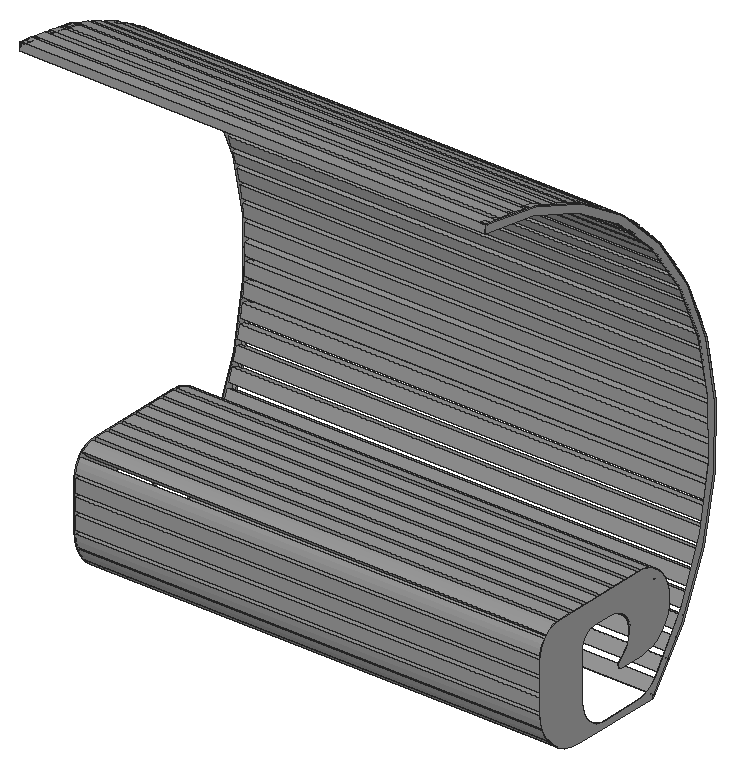
Revit family "Скамейка стальная с навесом Волна Вуд Арт 14852", category Антураж, Revit 2018
Family settings
  На основе рабочей плоскости = Нет
  Всегда вертикально = Да
  При загрузке вырезать с полостями = Нет
  Источник визуального образа = Геометрия семейства
  Общий = Нет
  Точка расчета площади = Нет
Parameters (values of type "Скамейка стальная с навесом «Волна Вуд»")
  Ширина = 1115 mm  # constant formula
  Цвет отделки = Дерево
  Цвет каркаса = Сталь
  Описание = "Скамейка стальная с навесом «Волна Вуд»"  # constant formula
  Материал изделия = "Сталь, дерево"  # constant formula
  Изображение типоразмера = Скамейка стальная с навесом Волна Вуд Арт 14852.jpg
  Изготовитель = "ООО «Хоббика»"  # constant formula
  Длина = 1804 mm  # constant formula
  Группа модели = "Садовые скамейки"  # constant formula
  Высота = 2000 mm  # constant formula
  Артикул товара = "Арт. 14852"  # constant formula
  URL = "https://hobbyka.ru/product/skameyka_s_navesom_volna_vud/"
Reference planes
  plane 1 "По центру (Вперед/Назад)": y = 0
  plane 2: z = 0
  plane 3 "По центру (Влево/Вправо)": x = 0
  plane 4: x = 1804
  plane 5: y = 1115
  plane 6: z = 2000
Forms (mm)
  Sweep 1, solid, material "Сталь" <- "Цвет каркаса"
    path origin (0, 0, 0) x (0, 1, 0) y (0, 0, 1)
      loop
        arc (0, 2000) -> (1027.539, 1251.916) -> (808.052, 0) r 1201.126
    profile origin (0, 0, 2000) x (0, 0.071704, 0.997426) y (1, 0, 0)
      loop
        line (0, 0) -> (0, 20) -> (-2, 20) -> (-2, 0) -> (0, 0)
  Extrusion 2, solid, material "Сталь" <- "Цвет каркаса"
    sketch origin (0, 0, 0) x (0, 1, 0) y (0, 0, 1)
      loop
        line (0, 1997.995) -> (0, 1967.915)
        arc (0, 1967.915) -> (987.117, 1265.654) -> (821.911, 65.539) r 1169.126
        arc (821.911, 65.539) -> (784.067, 37.037) -> (738.472, 24.169) r 128.632
        line (738.472, 24.169) -> (580.312, 24.169)
        arc (580.312, 24.169) -> (498.995, 57.851) -> (465.312, 139.169) r 115
        line (465.312, 139.169) -> (465.312, 325.279)
        arc (465.312, 325.279) -> (487.053, 364.201) -> (528.873, 379.646) r 64.338
        line (528.873, 379.646) -> (598.873, 379.646)
        arc (598.873, 379.646) -> (692.566, 307.704) -> (647.253, 198.613) r 96.981
        arc (647.253, 198.613) -> (643.891, 182.702) -> (657.377, 173.613) r 14.55
        line (657.377, 173.613) -> (752.71, 173.613)
        arc (752.71, 173.613) -> (850.018, 215.321) -> (886.488, 314.71) r 133.695
        arc (886.488, 314.71) -> (876.804, 371.129) -> (848.179, 420.701) r 162.691
        arc (848.179, 420.701) -> (798.249, 457.115) -> (737.81, 470) r 148.193
        line (737.81, 470) -> (360.371, 470)
        arc (360.371, 470) -> (290.859, 441.207) -> (262.066, 371.695) r 98.305
        line (262.066, 371.695) -> (262.066, 192.359)
        arc (262.066, 192.359) -> (318.407, 56.341) -> (454.425, 0) r 192.359
        line (454.425, 0) -> (805.364, 0)
        arc (805.364, 0) -> (1026.047, 1250.267) -> (0, 1997.995) r 1199.126
    from 0 to 2
  Sweep 3, solid, material "Сталь" <- "Цвет каркаса"
    path origin (1804, 0, 0) x (0, 1, 0) y (0, 0, -1)
      loop
        arc (0, -2000) -> (1027.539, -1251.916) -> (808.052, 0) r 1201.126
    profile origin (1804, 0, 2000) x (0, -0.071704, -0.997426) y (-1, 0, 0)
      loop
        line (0, 0) -> (2, 0) -> (2, 20) -> (0, 20) -> (0, 0)
  Extrusion 4, solid, material "Сталь" <- "Цвет каркаса"
    sketch origin (1804, 0, 0) x (0, 1, 0) y (0, 0, -1)
      loop
        arc (0, -1997.995) -> (1026.047, -1250.267) -> (805.364, 0) r 1199.126
        line (805.364, 0) -> (454.425, 0)
        arc (454.425, 0) -> (318.407, -56.341) -> (262.066, -192.359) r 192.359
        line (262.066, -192.359) -> (262.066, -371.695)
        arc (262.066, -371.695) -> (290.859, -441.207) -> (360.371, -470) r 98.305
        line (360.371, -470) -> (737.81, -470)
        arc (737.81, -470) -> (798.249, -457.115) -> (848.179, -420.701) r 148.193
        arc (848.179, -420.701) -> (876.804, -371.129) -> (886.488, -314.71) r 162.691
        arc (886.488, -314.71) -> (850.018, -215.321) -> (752.71, -173.613) r 133.695
        line (752.71, -173.613) -> (657.377, -173.613)
        arc (657.377, -173.613) -> (643.891, -182.702) -> (647.253, -198.613) r 14.55
        arc (647.253, -198.613) -> (692.566, -307.704) -> (598.873, -379.646) r 96.981
        line (598.873, -379.646) -> (528.873, -379.646)
        arc (528.873, -379.646) -> (487.053, -364.201) -> (465.312, -325.279) r 64.338
        line (465.312, -325.279) -> (465.312, -139.169)
        arc (465.312, -139.169) -> (498.995, -57.851) -> (580.312, -24.169) r 115
        line (580.312, -24.169) -> (738.472, -24.169)
        arc (738.472, -24.169) -> (784.067, -37.037) -> (821.911, -65.539) r 128.632
        arc (821.911, -65.539) -> (987.117, -1265.654) -> (0, -1967.915) r 1169.126
        line (0, -1967.915) -> (0, -1997.995)
    from 0 to 2
  Extrusion 5, solid, material "Дерево" <- "Цвет отделки"
    sketch origin (0, 0, 0) x (0, 1, 0) y (0, 0, 1)
      loop
        line (-0.143, 1998.005) -> (-2.295, 1968.082)
        arc (-2.295, 1968.082) -> (22.628, 1966.023) -> (47.5, 1963.43) r 1169.126
        line (47.5, 1963.43) -> (49.653, 1993.38)
        arc (49.653, 1993.38) -> (24.779, 1995.952) -> (-0.143, 1998.005) r 1199.126
    from 2 to 1802
  Extrusion 6, solid, material "Дерево" <- "Цвет отделки"
    sketch origin (0, -792.929, 1190.548) x (0, -0.572583, -0.819847) y (0, 0.819847, -0.572583)
      loop
        line (-0.143, 1998.005) -> (-2.295, 1968.082)
        arc (-2.295, 1968.082) -> (22.628, 1966.023) -> (47.5, 1963.43) r 1169.126
        line (47.5, 1963.43) -> (49.653, 1993.38)
        arc (49.653, 1993.38) -> (24.779, 1995.952) -> (-0.143, 1998.005) r 1199.126
    from 2 to 1802
  Extrusion 7, solid, material "Дерево" <- "Цвет отделки"
    sketch origin (0, -47.383, -3.68) x (0, 0.998264, -0.058897) y (0, 0.058897, 0.998264)
      loop
        line (-0.143, 1998.005) -> (-2.295, 1968.082)
        arc (-2.295, 1968.082) -> (22.628, 1966.023) -> (47.5, 1963.43) r 1169.126
        line (47.5, 1963.43) -> (49.653, 1993.38)
        arc (49.653, 1993.38) -> (24.779, 1995.952) -> (-0.143, 1998.005) r 1199.126
    from 2 to 1802
  Extrusion 8, solid, material "Дерево" <- "Цвет отделки"
    sketch origin (0, -94.9, -4.564) x (0, 0.993062, -0.117589) y (0, 0.117589, 0.993062)
      loop
        line (-0.143, 1998.005) -> (-2.295, 1968.082)
        arc (-2.295, 1968.082) -> (22.628, 1966.023) -> (47.5, 1963.43) r 1169.126
        line (47.5, 1963.43) -> (49.653, 1993.38)
        arc (49.653, 1993.38) -> (24.779, 1995.952) -> (-0.143, 1998.005) r 1199.126
    from 2 to 1802
  Extrusion 9, solid, material "Дерево" <- "Цвет отделки"
    sketch origin (0, -142.387, -2.647) x (0, 0.984413, -0.175874) y (0, 0.175874, 0.984413)
      loop
        line (-0.143, 1998.005) -> (-2.295, 1968.082)
        arc (-2.295, 1968.082) -> (22.628, 1966.023) -> (47.5, 1963.43) r 1169.126
        line (47.5, 1963.43) -> (49.653, 1993.38)
        arc (49.653, 1993.38) -> (24.779, 1995.952) -> (-0.143, 1998.005) r 1199.126
    from 2 to 1802
  Extrusion 10, solid, material "Дерево" <- "Цвет отделки"
    sketch origin (0, -189.679, 2.064) x (0, 0.972345, -0.233547) y (0, 0.233547, 0.972345)
      loop
        line (-0.143, 1998.005) -> (-2.295, 1968.082)
        arc (-2.295, 1968.082) -> (22.628, 1966.023) -> (47.5, 1963.43) r 1169.126
        line (47.5, 1963.43) -> (49.653, 1993.38)
        arc (49.653, 1993.38) -> (24.779, 1995.952) -> (-0.143, 1998.005) r 1199.126
    from 2 to 1802
  Extrusion 11, solid, material "Дерево" <- "Цвет отделки"
    sketch origin (0, -236.611, 9.551) x (0, 0.956902, -0.29041) y (0, 0.29041, 0.956902)
      loop
        line (-0.143, 1998.005) -> (-2.295, 1968.082)
        arc (-2.295, 1968.082) -> (22.628, 1966.023) -> (47.5, 1963.43) r 1169.126
        line (47.5, 1963.43) -> (49.653, 1993.38)
        arc (49.653, 1993.38) -> (24.779, 1995.952) -> (-0.143, 1998.005) r 1199.126
    from 2 to 1802
  Extrusion 12, solid, material "Дерево" <- "Цвет отделки"
    sketch origin (0, -283.02, 19.79) x (0, 0.938137, -0.346265) y (0, 0.346265, 0.938137)
      loop
        line (-0.143, 1998.005) -> (-2.295, 1968.082)
        arc (-2.295, 1968.082) -> (22.628, 1966.023) -> (47.5, 1963.43) r 1169.126
        line (47.5, 1963.43) -> (49.653, 1993.38)
        arc (49.653, 1993.38) -> (24.779, 1995.952) -> (-0.143, 1998.005) r 1199.126
    from 2 to 1802
  Extrusion 13, solid, material "Дерево" <- "Цвет отделки"
    sketch origin (0, -328.746, 32.744) x (0, 0.916114, -0.400917) y (0, 0.400917, 0.916114)
      loop
        line (-0.143, 1998.005) -> (-2.295, 1968.082)
        arc (-2.295, 1968.082) -> (22.628, 1966.023) -> (47.5, 1963.43) r 1169.126
        line (47.5, 1963.43) -> (49.653, 1993.38)
        arc (49.653, 1993.38) -> (24.779, 1995.952) -> (-0.143, 1998.005) r 1199.126
    from 2 to 1802
  Extrusion 14, solid, material "Дерево" <- "Цвет отделки"
    sketch origin (0, -373.63, 48.369) x (0, 0.890911, -0.454177) y (0, 0.454177, 0.890911)
      loop
        line (-0.143, 1998.005) -> (-2.295, 1968.082)
        arc (-2.295, 1968.082) -> (22.628, 1966.023) -> (47.5, 1963.43) r 1169.126
        line (47.5, 1963.43) -> (49.653, 1993.38)
        arc (49.653, 1993.38) -> (24.779, 1995.952) -> (-0.143, 1998.005) r 1199.126
    from 2 to 1802
  Extrusion 15, solid, material "Дерево" <- "Цвет отделки"
    sketch origin (0, -417.515, 66.61) x (0, 0.862615, -0.505861) y (0, 0.505861, 0.862615)
      loop
        line (-0.143, 1998.005) -> (-2.295, 1968.082)
        arc (-2.295, 1968.082) -> (22.628, 1966.023) -> (47.5, 1963.43) r 1169.126
        line (47.5, 1963.43) -> (49.653, 1993.38)
        arc (49.653, 1993.38) -> (24.779, 1995.952) -> (-0.143, 1998.005) r 1199.126
    from 2 to 1802
  Extrusion 16, solid, material "Дерево" <- "Цвет отделки"
    sketch origin (0, -460.25, 87.405) x (0, 0.831324, -0.555788) y (0, 0.555788, 0.831324)
      loop
        line (-0.143, 1998.005) -> (-2.295, 1968.082)
        arc (-2.295, 1968.082) -> (22.628, 1966.023) -> (47.5, 1963.43) r 1169.126
        line (47.5, 1963.43) -> (49.653, 1993.38)
        arc (49.653, 1993.38) -> (24.779, 1995.952) -> (-0.143, 1998.005) r 1199.126
    from 2 to 1802
  Extrusion 17, solid, material "Дерево" <- "Цвет отделки"
    sketch origin (0, -501.686, 110.68) x (0, 0.797147, -0.603786) y (0, 0.603786, 0.797147)
      loop
        line (-0.143, 1998.005) -> (-2.295, 1968.082)
        arc (-2.295, 1968.082) -> (22.628, 1966.023) -> (47.5, 1963.43) r 1169.126
        line (47.5, 1963.43) -> (49.653, 1993.38)
        arc (49.653, 1993.38) -> (24.779, 1995.952) -> (-0.143, 1998.005) r 1199.126
    from 2 to 1802
  Extrusion 18, solid, material "Дерево" <- "Цвет отделки"
    sketch origin (0, -541.68, 136.355) x (0, 0.760202, -0.649687) y (0, 0.649687, 0.760202)
      loop
        line (-0.143, 1998.005) -> (-2.295, 1968.082)
        arc (-2.295, 1968.082) -> (22.628, 1966.023) -> (47.5, 1963.43) r 1169.126
        line (47.5, 1963.43) -> (49.653, 1993.38)
        arc (49.653, 1993.38) -> (24.779, 1995.952) -> (-0.143, 1998.005) r 1199.126
    from 2 to 1802
  Extrusion 19, solid, material "Дерево" <- "Цвет отделки"
    sketch origin (0, -580.091, 164.342) x (0, 0.720617, -0.693333) y (0, 0.693333, 0.720617)
      loop
        line (-0.143, 1998.005) -> (-2.295, 1968.082)
        arc (-2.295, 1968.082) -> (22.628, 1966.023) -> (47.5, 1963.43) r 1169.126
        line (47.5, 1963.43) -> (49.653, 1993.38)
        arc (49.653, 1993.38) -> (24.779, 1995.952) -> (-0.143, 1998.005) r 1199.126
    from 2 to 1802
  Extrusion 20, solid, material "Дерево" <- "Цвет отделки"
    sketch origin (0, -616.788, 194.541) x (0, 0.678531, -0.734571) y (0, 0.734571, 0.678531)
      loop
        line (-0.143, 1998.005) -> (-2.295, 1968.082)
        arc (-2.295, 1968.082) -> (22.628, 1966.023) -> (47.5, 1963.43) r 1169.126
        line (47.5, 1963.43) -> (49.653, 1993.38)
        arc (49.653, 1993.38) -> (24.779, 1995.952) -> (-0.143, 1998.005) r 1199.126
    from 2 to 1802
  Extrusion 21, solid, material "Дерево" <- "Цвет отделки"
    sketch origin (0, -651.642, 226.85) x (0, 0.634089, -0.77326) y (0, 0.77326, 0.634089)
      loop
        line (-0.143, 1998.005) -> (-2.295, 1968.082)
        arc (-2.295, 1968.082) -> (22.628, 1966.023) -> (47.5, 1963.43) r 1169.126
        line (47.5, 1963.43) -> (49.653, 1993.38)
        arc (49.653, 1993.38) -> (24.779, 1995.952) -> (-0.143, 1998.005) r 1199.126
    from 2 to 1802
  Extrusion 22, solid, material "Дерево" <- "Цвет отделки"
    sketch origin (0, -684.533, 261.156) x (0, 0.587446, -0.809263) y (0, 0.809263, 0.587446)
      loop
        line (-0.143, 1998.005) -> (-2.295, 1968.082)
        arc (-2.295, 1968.082) -> (22.628, 1966.023) -> (47.5, 1963.43) r 1169.126
        line (47.5, 1963.43) -> (49.653, 1993.38)
        arc (49.653, 1993.38) -> (24.779, 1995.952) -> (-0.143, 1998.005) r 1199.126
    from 2 to 1802
  Extrusion 23, solid, material "Дерево" <- "Цвет отделки"
    sketch origin (0, -715.346, 297.339) x (0, 0.538763, -0.842457) y (0, 0.842457, 0.538763)
      loop
        line (-0.143, 1998.005) -> (-2.295, 1968.082)
        arc (-2.295, 1968.082) -> (22.628, 1966.023) -> (47.5, 1963.43) r 1169.126
        line (47.5, 1963.43) -> (49.653, 1993.38)
        arc (49.653, 1993.38) -> (24.779, 1995.952) -> (-0.143, 1998.005) r 1199.126
    from 2 to 1802
  Extrusion 24, solid, material "Дерево" <- "Цвет отделки"
    sketch origin (0, -743.975, 335.274) x (0, 0.48821, -0.872726) y (0, 0.872726, 0.48821)
      loop
        line (-0.143, 1998.005) -> (-2.295, 1968.082)
        arc (-2.295, 1968.082) -> (22.628, 1966.023) -> (47.5, 1963.43) r 1169.126
        line (47.5, 1963.43) -> (49.653, 1993.38)
        arc (49.653, 1993.38) -> (24.779, 1995.952) -> (-0.143, 1998.005) r 1199.126
    from 2 to 1802
  Extrusion 25, solid, material "Дерево" <- "Цвет отделки"
    sketch origin (0, -770.32, 374.83) x (0, 0.435961, -0.899965) y (0, 0.899965, 0.435961)
      loop
        line (-0.143, 1998.005) -> (-2.295, 1968.082)
        arc (-2.295, 1968.082) -> (22.628, 1966.023) -> (47.5, 1963.43) r 1169.126
        line (47.5, 1963.43) -> (49.653, 1993.38)
        arc (49.653, 1993.38) -> (24.779, 1995.952) -> (-0.143, 1998.005) r 1199.126
    from 2 to 1802
  Extrusion 26, solid, material "Дерево" <- "Цвет отделки"
    sketch origin (0, -794.289, 415.868) x (0, 0.382199, -0.92408) y (0, 0.92408, 0.382199)
      loop
        line (-0.143, 1998.005) -> (-2.295, 1968.082)
        arc (-2.295, 1968.082) -> (22.628, 1966.023) -> (47.5, 1963.43) r 1169.126
        line (47.5, 1963.43) -> (49.653, 1993.38)
        arc (49.653, 1993.38) -> (24.779, 1995.952) -> (-0.143, 1998.005) r 1199.126
    from 2 to 1802
  Extrusion 27, solid, material "Дерево" <- "Цвет отделки"
    sketch origin (0, -815.8, 458.247) x (0, 0.32711, -0.944986) y (0, 0.944986, 0.32711)
      loop
        line (-0.143, 1998.005) -> (-2.295, 1968.082)
        arc (-2.295, 1968.082) -> (22.628, 1966.023) -> (47.5, 1963.43) r 1169.126
        line (47.5, 1963.43) -> (49.653, 1993.38)
        arc (49.653, 1993.38) -> (24.779, 1995.952) -> (-0.143, 1998.005) r 1199.126
    from 2 to 1802
  Extrusion 28, solid, material "Дерево" <- "Цвет отделки"
    sketch origin (0, -834.777, 501.819) x (0, 0.270886, -0.962612) y (0, 0.962612, 0.270886)
      loop
        line (-0.143, 1998.005) -> (-2.295, 1968.082)
        arc (-2.295, 1968.082) -> (22.628, 1966.023) -> (47.5, 1963.43) r 1169.126
        line (47.5, 1963.43) -> (49.653, 1993.38)
        arc (49.653, 1993.38) -> (24.779, 1995.952) -> (-0.143, 1998.005) r 1199.126
    from 2 to 1802
  Extrusion 29, solid, material "Дерево" <- "Цвет отделки"
    sketch origin (0, -851.155, 546.434) x (0, 0.21372, -0.976895) y (0, 0.976895, 0.21372)
      loop
        line (-0.143, 1998.005) -> (-2.295, 1968.082)
        arc (-2.295, 1968.082) -> (22.628, 1966.023) -> (47.5, 1963.43) r 1169.126
        line (47.5, 1963.43) -> (49.653, 1993.38)
        arc (49.653, 1993.38) -> (24.779, 1995.952) -> (-0.143, 1998.005) r 1199.126
    from 2 to 1802
  Extrusion 30, solid, material "Дерево" <- "Цвет отделки"
    sketch origin (0, -864.877, 591.935) x (0, 0.155813, -0.987787) y (0, 0.987787, 0.155813)
      loop
        line (-0.143, 1998.005) -> (-2.295, 1968.082)
        arc (-2.295, 1968.082) -> (22.628, 1966.023) -> (47.5, 1963.43) r 1169.126
        line (47.5, 1963.43) -> (49.653, 1993.38)
        arc (49.653, 1993.38) -> (24.779, 1995.952) -> (-0.143, 1998.005) r 1199.126
    from 2 to 1802
  Extrusion 31, solid, material "Дерево" <- "Цвет отделки"
    sketch origin (0, -875.895, 638.166) x (0, 0.097365, -0.995249) y (0, 0.995249, 0.097365)
      loop
        line (-0.143, 1998.005) -> (-2.295, 1968.082)
        arc (-2.295, 1968.082) -> (22.628, 1966.023) -> (47.5, 1963.43) r 1169.126
        line (47.5, 1963.43) -> (49.653, 1993.38)
        arc (49.653, 1993.38) -> (24.779, 1995.952) -> (-0.143, 1998.005) r 1199.126
    from 2 to 1802
  Extrusion 32, solid, material "Дерево" <- "Цвет отделки"
    sketch origin (0, -884.172, 684.965) x (0, 0.038579, -0.999256) y (0, 0.999256, 0.038579)
      loop
        line (-0.143, 1998.005) -> (-2.295, 1968.082)
        arc (-2.295, 1968.082) -> (22.628, 1966.023) -> (47.5, 1963.43) r 1169.126
        line (47.5, 1963.43) -> (49.653, 1993.38)
        arc (49.653, 1993.38) -> (24.779, 1995.952) -> (-0.143, 1998.005) r 1199.126
    from 2 to 1802
  Extrusion 33, solid, material "Дерево" <- "Цвет отделки"
    sketch origin (0, -889.677, 732.171) x (0, -0.020341, -0.999793) y (0, 0.999793, -0.020341)
      loop
        line (-0.143, 1998.005) -> (-2.295, 1968.082)
        arc (-2.295, 1968.082) -> (22.628, 1966.023) -> (47.5, 1963.43) r 1169.126
        line (47.5, 1963.43) -> (49.653, 1993.38)
        arc (49.653, 1993.38) -> (24.779, 1995.952) -> (-0.143, 1998.005) r 1199.126
    from 2 to 1802
  Extrusion 34, solid, material "Дерево" <- "Цвет отделки"
    sketch origin (0, -892.393, 779.619) x (0, -0.07919, -0.99686) y (0, 0.99686, -0.07919)
      loop
        line (-0.143, 1998.005) -> (-2.295, 1968.082)
        arc (-2.295, 1968.082) -> (22.628, 1966.023) -> (47.5, 1963.43) r 1169.126
        line (47.5, 1963.43) -> (49.653, 1993.38)
        arc (49.653, 1993.38) -> (24.779, 1995.952) -> (-0.143, 1998.005) r 1199.126
    from 2 to 1802
  Extrusion 35, solid, material "Дерево" <- "Цвет отделки"
    sketch origin (0, -892.31, 827.144) x (0, -0.137765, -0.990465) y (0, 0.990465, -0.137765)
      loop
        line (-0.143, 1998.005) -> (-2.295, 1968.082)
        arc (-2.295, 1968.082) -> (22.628, 1966.023) -> (47.5, 1963.43) r 1169.126
        line (47.5, 1963.43) -> (49.653, 1993.38)
        arc (49.653, 1993.38) -> (24.779, 1995.952) -> (-0.143, 1998.005) r 1199.126
    from 2 to 1802
  Extrusion 36, solid, material "Дерево" <- "Цвет отделки"
    sketch origin (0, -889.427, 874.582) x (0, -0.195861, -0.980632) y (0, 0.980632, -0.195861)
      loop
        line (-0.143, 1998.005) -> (-2.295, 1968.082)
        arc (-2.295, 1968.082) -> (22.628, 1966.023) -> (47.5, 1963.43) r 1169.126
        line (47.5, 1963.43) -> (49.653, 1993.38)
        arc (49.653, 1993.38) -> (24.779, 1995.952) -> (-0.143, 1998.005) r 1199.126
    from 2 to 1802
  Extrusion 37, solid, material "Дерево" <- "Цвет отделки"
    sketch origin (0, -883.756, 921.768) x (0, -0.253277, -0.967394) y (0, 0.967394, -0.253277)
      loop
        line (-0.143, 1998.005) -> (-2.295, 1968.082)
        arc (-2.295, 1968.082) -> (22.628, 1966.023) -> (47.5, 1963.43) r 1169.126
        line (47.5, 1963.43) -> (49.653, 1993.38)
        arc (49.653, 1993.38) -> (24.779, 1995.952) -> (-0.143, 1998.005) r 1199.126
    from 2 to 1802
  Extrusion 38, solid, material "Дерево" <- "Цвет отделки"
    sketch origin (0, -875.315, 968.538) x (0, -0.309814, -0.950797) y (0, 0.950797, -0.309814)
      loop
        line (-0.143, 1998.005) -> (-2.295, 1968.082)
        arc (-2.295, 1968.082) -> (22.628, 1966.023) -> (47.5, 1963.43) r 1169.126
        line (47.5, 1963.43) -> (49.653, 1993.38)
        arc (49.653, 1993.38) -> (24.779, 1995.952) -> (-0.143, 1998.005) r 1199.126
    from 2 to 1802
  Extrusion 39, solid, material "Дерево" <- "Цвет отделки"
    sketch origin (0, -864.135, 1014.73) x (0, -0.365276, -0.930899) y (0, 0.930899, -0.365276)
      loop
        line (-0.143, 1998.005) -> (-2.295, 1968.082)
        arc (-2.295, 1968.082) -> (22.628, 1966.023) -> (47.5, 1963.43) r 1169.126
        line (47.5, 1963.43) -> (49.653, 1993.38)
        arc (49.653, 1993.38) -> (24.779, 1995.952) -> (-0.143, 1998.005) r 1199.126
    from 2 to 1802
  Extrusion 40, solid, material "Дерево" <- "Цвет отделки"
    sketch origin (0, -850.253, 1060.183) x (0, -0.419469, -0.90777) y (0, 0.90777, -0.419469)
      loop
        line (-0.143, 1998.005) -> (-2.295, 1968.082)
        arc (-2.295, 1968.082) -> (22.628, 1966.023) -> (47.5, 1963.43) r 1169.126
        line (47.5, 1963.43) -> (49.653, 1993.38)
        arc (49.653, 1993.38) -> (24.779, 1995.952) -> (-0.143, 1998.005) r 1199.126
    from 2 to 1802
  Extrusion 41, solid, material "Дерево" <- "Цвет отделки"
    sketch origin (0, -833.718, 1104.74) x (0, -0.472205, -0.881489) y (0, 0.881489, -0.472205)
      loop
        line (-0.143, 1998.005) -> (-2.295, 1968.082)
        arc (-2.295, 1968.082) -> (22.628, 1966.023) -> (47.5, 1963.43) r 1169.126
        line (47.5, 1963.43) -> (49.653, 1993.38)
        arc (49.653, 1993.38) -> (24.779, 1995.952) -> (-0.143, 1998.005) r 1199.126
    from 2 to 1802
  Extrusion 42, solid, material "Дерево" <- "Цвет отделки"
    sketch origin (0, -814.588, 1148.245) x (0, -0.523303, -0.852147) y (0, 0.852147, -0.523303)
      loop
        line (-0.143, 1998.005) -> (-2.295, 1968.082)
        arc (-2.295, 1968.082) -> (22.628, 1966.023) -> (47.5, 1963.43) r 1169.126
        line (47.5, 1963.43) -> (49.653, 1993.38)
        arc (49.653, 1993.38) -> (24.779, 1995.952) -> (-0.143, 1998.005) r 1199.126
    from 2 to 1802
  Extrusion 43, solid, material "Дерево" <- "Цвет отделки"
    sketch origin (0, 0, 0) x (0, 1, 0) y (0, 0, 1)
      loop
        line (737.81, 470) -> (687.81, 470) -> (687.81, 440) -> (737.81, 440) -> (737.81, 470)
    from 2 to 1802
  Extrusion 44, solid, material "Дерево" <- "Цвет отделки"
    sketch origin (0, -327.439, 0) x (0, 1, 0) y (0, 0, 1)
      loop
        line (737.81, 470) -> (687.81, 470) -> (687.81, 440) -> (737.81, 440) -> (737.81, 470)
    from 2 to 1802
  Extrusion 45, solid, material "Дерево" <- "Цвет отделки"
    sketch origin (0, -65.488, 0) x (0, 1, 0) y (0, 0, 1)
      loop
        line (737.81, 470) -> (687.81, 470) -> (687.81, 440) -> (737.81, 440) -> (737.81, 470)
    from 2 to 1802
  Extrusion 46, solid, material "Дерево" <- "Цвет отделки"
    sketch origin (0, -130.976, 0) x (0, 1, 0) y (0, 0, 1)
      loop
        line (737.81, 470) -> (687.81, 470) -> (687.81, 440) -> (737.81, 440) -> (737.81, 470)
    from 2 to 1802
  Extrusion 47, solid, material "Дерево" <- "Цвет отделки"
    sketch origin (0, -196.463, 0) x (0, 1, 0) y (0, 0, 1)
      loop
        line (737.81, 470) -> (687.81, 470) -> (687.81, 440) -> (737.81, 440) -> (737.81, 470)
    from 2 to 1802
  Extrusion 48, solid, material "Дерево" <- "Цвет отделки"
    sketch origin (0, -261.951, 0) x (0, 1, 0) y (0, 0, 1)
      loop
        line (737.81, 470) -> (687.81, 470) -> (687.81, 440) -> (737.81, 440) -> (737.81, 470)
    from 2 to 1802
  Extrusion 49, solid, material "Дерево" <- "Цвет отделки"
    sketch origin (0, 0, 0) x (0, 1, 0) y (0, 0, 1)
      loop
        line (262.066, 371.695) -> (262.066, 321.695) -> (292.066, 321.695) -> (292.066, 371.695) -> (262.066, 371.695)
    from 2 to 1802
  Extrusion 50, solid, material "Дерево" <- "Цвет отделки"
    sketch origin (0, 0, -129.336) x (0, 1, 0) y (0, 0, 1)
      loop
        line (262.066, 371.695) -> (262.066, 321.695) -> (292.066, 321.695) -> (292.066, 371.695) -> (262.066, 371.695)
    from 2 to 1802
  Extrusion 51, solid, material "Дерево" <- "Цвет отделки"
    sketch origin (0, 0, -64.668) x (0, 1, 0) y (0, 0, 1)
      loop
        line (262.066, 371.695) -> (262.066, 321.695) -> (292.066, 321.695) -> (292.066, 371.695) -> (262.066, 371.695)
    from 2 to 1802
  Extrusion 52, solid, material "Дерево" <- "Цвет отделки"
    sketch origin (0, 0, 0) x (0, 1, 0) y (0, 0, 1)
      loop
        arc (345.371, 468.849) -> (319.291, 461.005) -> (296.365, 446.308) r 98.305
        line (296.365, 446.308) -> (317.667, 425.005)
        arc (317.667, 425.005) -> (330.76, 433.248) -> (345.371, 438.333) r 68.305
        line (345.371, 438.333) -> (345.371, 468.849)
      loop
        arc (293.733, 386.695) -> (298.818, 401.306) -> (307.061, 414.399) r 68.305
        line (307.061, 414.399) -> (285.758, 435.701)
        arc (285.758, 435.701) -> (271.06, 412.774) -> (263.217, 386.695) r 98.305
        line (263.217, 386.695) -> (293.733, 386.695)
    from 2 to 1802
  Extrusion 53, solid, material "Дерево" <- "Цвет отделки"
    sketch origin (0, 0, 0) x (0, 1, 0) y (0, 0, 1)
      loop
        arc (262.652, 177.359) -> (266.287, 152.283) -> (273.187, 127.901) r 192.359
        line (273.187, 127.901) -> (301.271, 138.467)
        arc (301.271, 138.467) -> (295.819, 157.651) -> (292.76, 177.359) r 162.359
        line (292.76, 177.359) -> (262.652, 177.359)
    from 2 to 1802
  Extrusion 54, solid, material "Дерево" <- "Цвет отделки"
    sketch origin (0, 342.024, -288.13) x (0, 0.589331, 0.807892) y (0, -0.807892, 0.589331)
      loop
        arc (262.652, 177.359) -> (266.287, 152.283) -> (273.187, 127.901) r 192.359
        line (273.187, 127.901) -> (301.271, 138.467)
        arc (301.271, 138.467) -> (295.819, 157.651) -> (292.76, 177.359) r 162.359
        line (292.76, 177.359) -> (262.652, 177.359)
    from 2 to 1802
  Extrusion 55, solid, material "Дерево" <- "Цвет отделки"
    sketch origin (0, 81.477, -130.773) x (0, 0.951253, 0.308411) y (0, -0.308411, 0.951253)
      loop
        arc (262.652, 177.359) -> (266.287, 152.283) -> (273.187, 127.901) r 192.359
        line (273.187, 127.901) -> (301.271, 138.467)
        arc (301.271, 138.467) -> (295.819, 157.651) -> (292.76, 177.359) r 162.359
        line (292.76, 177.359) -> (262.652, 177.359)
    from 2 to 1802
  Extrusion 56, solid, material "Дерево" <- "Цвет отделки"
    sketch origin (0, 199.315, -230.042) x (0, 0.809766, 0.586753) y (0, -0.586753, 0.809766)
      loop
        arc (262.652, 177.359) -> (266.287, 152.283) -> (273.187, 127.901) r 192.359
        line (273.187, 127.901) -> (301.271, 138.467)
        arc (301.271, 138.467) -> (295.819, 157.651) -> (292.76, 177.359) r 162.359
        line (292.76, 177.359) -> (262.652, 177.359)
    from 2 to 1802
  Extrusion 57, solid, material "Дерево" <- "Цвет отделки"
    sketch origin (0, 0, 0) x (0, 1, 0) y (0, 0, 1)
      loop
        arc (801.604, 455.566) -> (777.796, 464.504) -> (752.81, 469.239) r 148.193
        line (752.81, 469.239) -> (752.81, 439.044)
        arc (752.81, 439.044) -> (771.294, 435.158) -> (788.923, 428.376) r 118.193
        line (788.923, 428.376) -> (801.604, 455.566)
      loop
        arc (854.975, 412.546) -> (837.736, 431.242) -> (817.554, 446.715) r 148.193
        line (817.554, 446.715) -> (803.966, 419.751)
        arc (803.966, 419.751) -> (818.723, 407.962) -> (831.414, 393.972) r 118.193
        line (831.414, 393.972) -> (854.975, 412.546)
      loop
        arc (884.361, 343.806) -> (878.442, 368.538) -> (868.382, 391.894) r 148.193
        line (868.382, 391.894) -> (843.36, 374.994)
        arc (843.36, 374.994) -> (850.484, 357.501) -> (854.732, 339.097) r 118.193
        line (854.732, 339.097) -> (884.361, 343.806)
    from 2 to 1802
Cuts and joins
  joined: Sweep 1, Extrusion 2
Lines and regions (mm)
  symbolic lines
    curve 1: arc (0, -0.143, 1998.005) -> (0, 1025.685, 1251.166) -> (0, 806.564, 1.335) r 1199.126
    curve 2: arc (0, 848.179, 420.701) -> (0, 798.249, 457.115) -> (0, 737.81, 470) r 148.193
Dimensions and locks
  "Длина": plane 3 "По центру (Влево/Вправо)" to plane 4
  "Ширина": plane 5 to plane 1 "По центру (Вперед/Назад)"
  "Высота": plane 6 to level
  equal spacing: group 39, group 41, group 42, group 43, group 44, group 40  (x2)
  equal spacing: group 40, group 44, group 43, group 42, group 41, group 39
  equal spacing: group 45, group 47, group 46  (x2)
  equal spacing: group 46, group 47, group 45
  aligned and locked: level to plane 2
Automatic sketch dimensions
  Sweep 1 sketch curve to plane 1 "По центру (Вперед/Назад)" = 0 mm
  Sweep 1 sketch curve to level = 0 mm
  Sweep 1 sketch curve to plane 6 = 0 mm
  plane 1 "По центру (Вперед/Назад)" to Sweep 1 sketch curve = 86.126 mm
  level to Sweep 1 sketch curve = 801.966 mm
  Sweep 1 sketch curve to plane 3 "По центру (Влево/Вправо)" = 0 mm
  Sweep 1 sketch curve to profile plane = 0 mm
  profile plane to Sweep 1 sketch curve = 2 mm
  Sweep 1 sketch curve to Sweep 1 sketch curve = 20 mm
  Extrusion 2 sketch curve to Extrusion 2 sketch curve = 0 mm  (x2)
  Extrusion 2 sketch curve to plane 1 "По центру (Вперед/Назад)" = 0 mm
  Extrusion 2 sketch curve to level = 0 mm
  plane 1 "По центру (Вперед/Назад)" to Extrusion 2 sketch curve = 86.126 mm
  Extrusion 2 sketch curve to plane 1 "По центру (Вперед/Назад)" = 262.066 mm
  Extrusion 2 sketch curve to Extrusion 2 sketch curve = 98.305 mm
  Extrusion 2 sketch curve to Extrusion 2 sketch curve = 192.359 mm
  Extrusion 2 sketch curve to Extrusion 2 sketch curve = 104.941 mm
  Extrusion 2 sketch curve to Extrusion 2 sketch curve = 63.561 mm
  level to Extrusion 2 sketch curve = 24.169 mm
  Extrusion 2 sketch curve to Extrusion 2 sketch curve = 125.887 mm
  Extrusion 2 sketch curve to Extrusion 2 sketch curve = 70 mm
  Extrusion 2 sketch curve to Extrusion 2 sketch curve = 77.065 mm
  Extrusion 2 sketch curve to Extrusion 2 sketch curve = 124.929 mm
  Extrusion 2 sketch curve to Extrusion 2 sketch curve = 69.55 mm
  Extrusion 2 sketch curve to Extrusion 2 sketch curve = 14.009 mm
  Extrusion 2 sketch curve to Extrusion 2 sketch curve = 11.545 mm
  Extrusion 2 sketch curve to Extrusion 2 sketch curve = 25.783 mm
  Extrusion 2 sketch curve to Extrusion 2 sketch curve = 15.188 mm
  Extrusion 2 sketch curve to Extrusion 2 sketch curve = 66.892 mm
  Extrusion 2 sketch curve to Extrusion 2 sketch curve = 128.113 mm
  Extrusion 2 sketch curve to Extrusion 2 sketch curve = 21.332 mm
  Extrusion 2 sketch curve to Extrusion 2 sketch curve = 14.55 mm
  Extrusion 2 sketch curve to Extrusion 2 sketch curve = 94.502 mm
  Extrusion 2 sketch curve to Extrusion 2 sketch curve = 133.695 mm
  Extrusion 2 sketch curve to Extrusion 2 sketch curve = 32.643 mm
  Extrusion 2 sketch curve to Extrusion 2 sketch curve = 8.519 mm
  Extrusion 2 sketch curve to Extrusion 2 sketch curve = 5.981 mm
  Extrusion 2 sketch curve to Extrusion 2 sketch curve = 9.971 mm
  Extrusion 2 sketch curve to Extrusion 2 sketch curve = 46.416 mm
  Extrusion 2 sketch curve to Extrusion 2 sketch curve = 430.271 mm
  Extrusion 2 sketch curve to Extrusion 2 sketch curve = 30.08 mm
  Extrusion 2 sketch curve to Extrusion 2 sketch curve = 110.369 mm
  Sweep 3 sketch curve to plane 1 "По центру (Вперед/Назад)" = 0 mm
  Sweep 3 sketch curve to level = 0 mm
  Sweep 3 sketch curve to plane 6 = 0 mm
  plane 1 "По центру (Вперед/Назад)" to Sweep 3 sketch curve = 86.126 mm
  level to Sweep 3 sketch curve = 801.966 mm
  profile plane to Sweep 3 sketch curve = 0 mm
  Sweep 3 sketch curve to profile plane = 0 mm
  Sweep 3 sketch curve to Sweep 3 sketch curve = 2 mm
  Sweep 3 sketch curve to Sweep 3 sketch curve = 20 mm
  Extrusion 4 sketch curve to Extrusion 4 sketch curve = 0 mm  (x2)
  Extrusion 4 sketch curve to plane 1 "По центру (Вперед/Назад)" = 0 mm
  Extrusion 4 sketch curve to level = 0 mm
  plane 1 "По центру (Вперед/Назад)" to Extrusion 4 sketch curve = 86.126 mm
  Extrusion 4 sketch curve to plane 1 "По центру (Вперед/Назад)" = 262.066 mm
  Extrusion 4 sketch curve to Extrusion 4 sketch curve = 98.305 mm
  Extrusion 4 sketch curve to Extrusion 4 sketch curve = 192.359 mm
  Extrusion 4 sketch curve to Extrusion 4 sketch curve = 104.941 mm
  Extrusion 4 sketch curve to Extrusion 4 sketch curve = 63.561 mm
  level to Extrusion 4 sketch curve = 24.169 mm
  Extrusion 4 sketch curve to Extrusion 4 sketch curve = 125.887 mm
  Extrusion 4 sketch curve to Extrusion 4 sketch curve = 70 mm
  Extrusion 4 sketch curve to Extrusion 4 sketch curve = 77.065 mm
  Extrusion 4 sketch curve to Extrusion 4 sketch curve = 124.929 mm
  Extrusion 4 sketch curve to Extrusion 4 sketch curve = 69.55 mm
  Extrusion 4 sketch curve to Extrusion 4 sketch curve = 14.009 mm
  Extrusion 4 sketch curve to Extrusion 4 sketch curve = 11.545 mm
  Extrusion 4 sketch curve to Extrusion 4 sketch curve = 25.783 mm
  Extrusion 4 sketch curve to Extrusion 4 sketch curve = 15.188 mm
  Extrusion 4 sketch curve to Extrusion 4 sketch curve = 66.892 mm
  Extrusion 4 sketch curve to Extrusion 4 sketch curve = 143.497 mm
  Extrusion 4 sketch curve to Extrusion 4 sketch curve = 24.643 mm
  Extrusion 4 sketch curve to Extrusion 4 sketch curve = 32.643 mm
  Extrusion 4 sketch curve to Extrusion 4 sketch curve = 8.519 mm
  Extrusion 4 sketch curve to Extrusion 4 sketch curve = 5.981 mm
  Extrusion 4 sketch curve to Extrusion 4 sketch curve = 9.971 mm
  Extrusion 4 sketch curve to Extrusion 4 sketch curve = 179.336 mm
  Extrusion 4 sketch curve to Extrusion 4 sketch curve = 430.271 mm
  Extrusion 4 sketch curve to Extrusion 4 sketch curve = 30.08 mm
  Extrusion 4 sketch curve to Extrusion 4 sketch curve = 48.995 mm
  Extrusion 4 sketch curve to Extrusion 4 sketch curve = 14.55 mm
  Extrusion 4 sketch curve to Extrusion 4 sketch curve = 21.332 mm
  Extrusion 4 sketch curve to Extrusion 4 sketch curve = 110.369 mm
  Extrusion 5 sketch curve to Extrusion 5 sketch curve = 2.153 mm
  Extrusion 5 sketch curve to Extrusion 5 sketch curve = 29.949 mm
  Extrusion 5 sketch curve to Extrusion 5 sketch curve = 0 mm  (x4)
  Extrusion 5 sketch curve to Extrusion 5 sketch curve = 83.831 mm
  Extrusion 5 sketch curve to Extrusion 5 sketch curve = 2.151 mm
  Extrusion 5 sketch curve to Extrusion 5 sketch curve = 49.795 mm
  Extrusion 5 sketch curve to Extrusion 5 sketch curve = 1161.464 mm
  Extrusion 6 sketch curve to Extrusion 6 sketch curve = 2.153 mm
  Extrusion 6 sketch curve to Extrusion 6 sketch curve = 29.949 mm
  Extrusion 6 sketch curve to Extrusion 6 sketch curve = 0 mm  (x4)
  Extrusion 6 sketch curve to Extrusion 6 sketch curve = 83.831 mm
  Extrusion 6 sketch curve to Extrusion 6 sketch curve = 2.151 mm
  Extrusion 6 sketch curve to Extrusion 6 sketch curve = 49.795 mm
  Extrusion 6 sketch curve to Extrusion 6 sketch curve = 1161.464 mm
  Extrusion 7 sketch curve to Extrusion 7 sketch curve = 2.153 mm
  Extrusion 7 sketch curve to Extrusion 7 sketch curve = 29.949 mm
  Extrusion 7 sketch curve to Extrusion 7 sketch curve = 0 mm  (x4)
  Extrusion 7 sketch curve to Extrusion 7 sketch curve = 83.831 mm
  Extrusion 7 sketch curve to Extrusion 7 sketch curve = 2.151 mm
  Extrusion 7 sketch curve to Extrusion 7 sketch curve = 49.795 mm
  Extrusion 7 sketch curve to Extrusion 7 sketch curve = 1161.464 mm
  Extrusion 8 sketch curve to Extrusion 8 sketch curve = 2.153 mm
  Extrusion 8 sketch curve to Extrusion 8 sketch curve = 29.949 mm
  Extrusion 8 sketch curve to Extrusion 8 sketch curve = 0 mm  (x4)
  Extrusion 8 sketch curve to Extrusion 8 sketch curve = 83.831 mm
  Extrusion 8 sketch curve to Extrusion 8 sketch curve = 2.151 mm
  Extrusion 8 sketch curve to Extrusion 8 sketch curve = 49.795 mm
  Extrusion 8 sketch curve to Extrusion 8 sketch curve = 1161.464 mm
  Extrusion 9 sketch curve to Extrusion 9 sketch curve = 2.153 mm
  Extrusion 9 sketch curve to Extrusion 9 sketch curve = 29.949 mm
  Extrusion 9 sketch curve to Extrusion 9 sketch curve = 0 mm  (x4)
  Extrusion 9 sketch curve to Extrusion 9 sketch curve = 83.831 mm
  Extrusion 9 sketch curve to Extrusion 9 sketch curve = 2.151 mm
  Extrusion 9 sketch curve to Extrusion 9 sketch curve = 49.795 mm
  Extrusion 9 sketch curve to Extrusion 9 sketch curve = 1161.464 mm
  Extrusion 10 sketch curve to Extrusion 10 sketch curve = 2.153 mm
  Extrusion 10 sketch curve to Extrusion 10 sketch curve = 29.949 mm
  Extrusion 10 sketch curve to Extrusion 10 sketch curve = 0 mm  (x4)
  Extrusion 10 sketch curve to Extrusion 10 sketch curve = 83.831 mm
  Extrusion 10 sketch curve to Extrusion 10 sketch curve = 2.151 mm
  Extrusion 10 sketch curve to Extrusion 10 sketch curve = 49.795 mm
  Extrusion 10 sketch curve to Extrusion 10 sketch curve = 1161.464 mm
  Extrusion 11 sketch curve to Extrusion 11 sketch curve = 2.153 mm
  Extrusion 11 sketch curve to Extrusion 11 sketch curve = 29.949 mm
  Extrusion 11 sketch curve to Extrusion 11 sketch curve = 0 mm  (x4)
  Extrusion 11 sketch curve to Extrusion 11 sketch curve = 83.831 mm
  Extrusion 11 sketch curve to Extrusion 11 sketch curve = 2.151 mm
  Extrusion 11 sketch curve to Extrusion 11 sketch curve = 49.795 mm
  Extrusion 11 sketch curve to Extrusion 11 sketch curve = 1161.464 mm
  Extrusion 12 sketch curve to Extrusion 12 sketch curve = 2.153 mm
  Extrusion 12 sketch curve to Extrusion 12 sketch curve = 29.949 mm
  Extrusion 12 sketch curve to Extrusion 12 sketch curve = 0 mm  (x4)
  Extrusion 12 sketch curve to Extrusion 12 sketch curve = 83.831 mm
  Extrusion 12 sketch curve to Extrusion 12 sketch curve = 2.151 mm
  Extrusion 12 sketch curve to Extrusion 12 sketch curve = 49.795 mm
  Extrusion 12 sketch curve to Extrusion 12 sketch curve = 1161.464 mm
  Extrusion 13 sketch curve to Extrusion 13 sketch curve = 2.153 mm
  Extrusion 13 sketch curve to Extrusion 13 sketch curve = 29.949 mm
  Extrusion 13 sketch curve to Extrusion 13 sketch curve = 0 mm  (x4)
  Extrusion 13 sketch curve to Extrusion 13 sketch curve = 83.831 mm
  Extrusion 13 sketch curve to Extrusion 13 sketch curve = 2.151 mm
  Extrusion 13 sketch curve to Extrusion 13 sketch curve = 49.795 mm
  Extrusion 13 sketch curve to Extrusion 13 sketch curve = 1161.464 mm
  Extrusion 14 sketch curve to Extrusion 14 sketch curve = 2.153 mm
  Extrusion 14 sketch curve to Extrusion 14 sketch curve = 29.949 mm
  Extrusion 14 sketch curve to Extrusion 14 sketch curve = 0 mm  (x4)
  Extrusion 14 sketch curve to Extrusion 14 sketch curve = 83.831 mm
  Extrusion 14 sketch curve to Extrusion 14 sketch curve = 2.151 mm
  Extrusion 14 sketch curve to Extrusion 14 sketch curve = 49.795 mm
  Extrusion 14 sketch curve to Extrusion 14 sketch curve = 1161.464 mm
  Extrusion 15 sketch curve to Extrusion 15 sketch curve = 2.153 mm
  Extrusion 15 sketch curve to Extrusion 15 sketch curve = 29.949 mm
  Extrusion 15 sketch curve to Extrusion 15 sketch curve = 0 mm  (x4)
  Extrusion 15 sketch curve to Extrusion 15 sketch curve = 83.831 mm
  Extrusion 15 sketch curve to Extrusion 15 sketch curve = 2.151 mm
  Extrusion 15 sketch curve to Extrusion 15 sketch curve = 49.795 mm
  Extrusion 15 sketch curve to Extrusion 15 sketch curve = 1161.464 mm
  Extrusion 16 sketch curve to Extrusion 16 sketch curve = 2.153 mm
  Extrusion 16 sketch curve to Extrusion 16 sketch curve = 29.949 mm
  Extrusion 16 sketch curve to Extrusion 16 sketch curve = 0 mm  (x4)
  Extrusion 16 sketch curve to Extrusion 16 sketch curve = 83.831 mm
  Extrusion 16 sketch curve to Extrusion 16 sketch curve = 2.151 mm
  Extrusion 16 sketch curve to Extrusion 16 sketch curve = 49.795 mm
  Extrusion 16 sketch curve to Extrusion 16 sketch curve = 1161.464 mm
  Extrusion 17 sketch curve to Extrusion 17 sketch curve = 2.153 mm
  Extrusion 17 sketch curve to Extrusion 17 sketch curve = 29.949 mm
  Extrusion 17 sketch curve to Extrusion 17 sketch curve = 0 mm  (x4)
  Extrusion 17 sketch curve to Extrusion 17 sketch curve = 83.831 mm
  Extrusion 17 sketch curve to Extrusion 17 sketch curve = 2.151 mm
  Extrusion 17 sketch curve to Extrusion 17 sketch curve = 49.795 mm
  Extrusion 17 sketch curve to Extrusion 17 sketch curve = 1161.464 mm
  Extrusion 18 sketch curve to Extrusion 18 sketch curve = 2.153 mm
  Extrusion 18 sketch curve to Extrusion 18 sketch curve = 29.949 mm
  Extrusion 18 sketch curve to Extrusion 18 sketch curve = 0 mm  (x4)
  Extrusion 18 sketch curve to Extrusion 18 sketch curve = 83.831 mm
  Extrusion 18 sketch curve to Extrusion 18 sketch curve = 2.151 mm
  Extrusion 18 sketch curve to Extrusion 18 sketch curve = 49.795 mm
  Extrusion 18 sketch curve to Extrusion 18 sketch curve = 1161.464 mm
  Extrusion 19 sketch curve to Extrusion 19 sketch curve = 2.153 mm
  Extrusion 19 sketch curve to Extrusion 19 sketch curve = 29.949 mm
  Extrusion 19 sketch curve to Extrusion 19 sketch curve = 0 mm  (x4)
  Extrusion 19 sketch curve to Extrusion 19 sketch curve = 83.831 mm
  Extrusion 19 sketch curve to Extrusion 19 sketch curve = 2.151 mm
  Extrusion 19 sketch curve to Extrusion 19 sketch curve = 49.795 mm
  Extrusion 19 sketch curve to Extrusion 19 sketch curve = 1161.464 mm
  Extrusion 20 sketch curve to Extrusion 20 sketch curve = 2.153 mm
  Extrusion 20 sketch curve to Extrusion 20 sketch curve = 29.949 mm
  Extrusion 20 sketch curve to Extrusion 20 sketch curve = 0 mm  (x4)
  Extrusion 20 sketch curve to Extrusion 20 sketch curve = 83.831 mm
  Extrusion 20 sketch curve to Extrusion 20 sketch curve = 2.151 mm
  Extrusion 20 sketch curve to Extrusion 20 sketch curve = 49.795 mm
  Extrusion 20 sketch curve to Extrusion 20 sketch curve = 1161.464 mm
  Extrusion 21 sketch curve to Extrusion 21 sketch curve = 2.153 mm
  Extrusion 21 sketch curve to Extrusion 21 sketch curve = 29.949 mm
  Extrusion 21 sketch curve to Extrusion 21 sketch curve = 0 mm  (x4)
  Extrusion 21 sketch curve to Extrusion 21 sketch curve = 83.831 mm
  Extrusion 21 sketch curve to Extrusion 21 sketch curve = 2.151 mm
  Extrusion 21 sketch curve to Extrusion 21 sketch curve = 49.795 mm
  Extrusion 21 sketch curve to Extrusion 21 sketch curve = 1161.464 mm
  Extrusion 22 sketch curve to Extrusion 22 sketch curve = 2.153 mm
  Extrusion 22 sketch curve to Extrusion 22 sketch curve = 29.949 mm
  Extrusion 22 sketch curve to Extrusion 22 sketch curve = 0 mm  (x4)
  Extrusion 22 sketch curve to Extrusion 22 sketch curve = 83.831 mm
  Extrusion 22 sketch curve to Extrusion 22 sketch curve = 2.151 mm
  Extrusion 22 sketch curve to Extrusion 22 sketch curve = 49.795 mm
  Extrusion 22 sketch curve to Extrusion 22 sketch curve = 1161.464 mm
  Extrusion 23 sketch curve to Extrusion 23 sketch curve = 2.153 mm
  Extrusion 23 sketch curve to Extrusion 23 sketch curve = 29.949 mm
  Extrusion 23 sketch curve to Extrusion 23 sketch curve = 0 mm  (x4)
  Extrusion 23 sketch curve to Extrusion 23 sketch curve = 83.831 mm
  Extrusion 23 sketch curve to Extrusion 23 sketch curve = 2.151 mm
  Extrusion 23 sketch curve to Extrusion 23 sketch curve = 49.795 mm
  Extrusion 23 sketch curve to Extrusion 23 sketch curve = 1161.464 mm
  Extrusion 24 sketch curve to Extrusion 24 sketch curve = 2.153 mm
  Extrusion 24 sketch curve to Extrusion 24 sketch curve = 29.949 mm
  Extrusion 24 sketch curve to Extrusion 24 sketch curve = 0 mm  (x4)
  Extrusion 24 sketch curve to Extrusion 24 sketch curve = 83.831 mm
  Extrusion 24 sketch curve to Extrusion 24 sketch curve = 2.151 mm
  Extrusion 24 sketch curve to Extrusion 24 sketch curve = 49.795 mm
  Extrusion 24 sketch curve to Extrusion 24 sketch curve = 1161.464 mm
  Extrusion 25 sketch curve to Extrusion 25 sketch curve = 2.153 mm
  Extrusion 25 sketch curve to Extrusion 25 sketch curve = 29.949 mm
  Extrusion 25 sketch curve to Extrusion 25 sketch curve = 0 mm  (x4)
  Extrusion 25 sketch curve to Extrusion 25 sketch curve = 83.831 mm
  Extrusion 25 sketch curve to Extrusion 25 sketch curve = 2.151 mm
  Extrusion 25 sketch curve to Extrusion 25 sketch curve = 49.795 mm
  Extrusion 25 sketch curve to Extrusion 25 sketch curve = 1161.464 mm
  Extrusion 26 sketch curve to Extrusion 26 sketch curve = 2.153 mm
  Extrusion 26 sketch curve to Extrusion 26 sketch curve = 29.949 mm
  Extrusion 26 sketch curve to Extrusion 26 sketch curve = 0 mm  (x4)
  Extrusion 26 sketch curve to Extrusion 26 sketch curve = 83.831 mm
  Extrusion 26 sketch curve to Extrusion 26 sketch curve = 2.151 mm
  Extrusion 26 sketch curve to Extrusion 26 sketch curve = 49.795 mm
  Extrusion 26 sketch curve to Extrusion 26 sketch curve = 1161.464 mm
  Extrusion 27 sketch curve to Extrusion 27 sketch curve = 2.153 mm
  Extrusion 27 sketch curve to Extrusion 27 sketch curve = 29.949 mm
  Extrusion 27 sketch curve to Extrusion 27 sketch curve = 0 mm  (x4)
  Extrusion 27 sketch curve to Extrusion 27 sketch curve = 83.831 mm
  Extrusion 27 sketch curve to Extrusion 27 sketch curve = 2.151 mm
  Extrusion 27 sketch curve to Extrusion 27 sketch curve = 49.795 mm
  Extrusion 27 sketch curve to Extrusion 27 sketch curve = 1161.464 mm
  Extrusion 28 sketch curve to Extrusion 28 sketch curve = 2.153 mm
  Extrusion 28 sketch curve to Extrusion 28 sketch curve = 29.949 mm
  Extrusion 28 sketch curve to Extrusion 28 sketch curve = 0 mm  (x4)
  Extrusion 28 sketch curve to Extrusion 28 sketch curve = 83.831 mm
  Extrusion 28 sketch curve to Extrusion 28 sketch curve = 2.151 mm
  Extrusion 28 sketch curve to Extrusion 28 sketch curve = 49.795 mm
  Extrusion 28 sketch curve to Extrusion 28 sketch curve = 1161.464 mm
  Extrusion 29 sketch curve to Extrusion 29 sketch curve = 2.153 mm
  Extrusion 29 sketch curve to Extrusion 29 sketch curve = 29.949 mm
  Extrusion 29 sketch curve to Extrusion 29 sketch curve = 0 mm  (x4)
  Extrusion 29 sketch curve to Extrusion 29 sketch curve = 83.831 mm
  Extrusion 29 sketch curve to Extrusion 29 sketch curve = 2.151 mm
  Extrusion 29 sketch curve to Extrusion 29 sketch curve = 49.795 mm
  Extrusion 29 sketch curve to Extrusion 29 sketch curve = 1161.464 mm
  Extrusion 30 sketch curve to Extrusion 30 sketch curve = 2.153 mm
  Extrusion 30 sketch curve to Extrusion 30 sketch curve = 29.949 mm
  Extrusion 30 sketch curve to Extrusion 30 sketch curve = 0 mm  (x4)
  Extrusion 30 sketch curve to Extrusion 30 sketch curve = 83.831 mm
  Extrusion 30 sketch curve to Extrusion 30 sketch curve = 2.151 mm
  Extrusion 30 sketch curve to Extrusion 30 sketch curve = 49.795 mm
  Extrusion 30 sketch curve to Extrusion 30 sketch curve = 1161.464 mm
  Extrusion 31 sketch curve to Extrusion 31 sketch curve = 2.153 mm
  Extrusion 31 sketch curve to Extrusion 31 sketch curve = 29.949 mm
  Extrusion 31 sketch curve to Extrusion 31 sketch curve = 0 mm  (x4)
  Extrusion 31 sketch curve to Extrusion 31 sketch curve = 83.831 mm
  Extrusion 31 sketch curve to Extrusion 31 sketch curve = 2.151 mm
  Extrusion 31 sketch curve to Extrusion 31 sketch curve = 49.795 mm
  Extrusion 31 sketch curve to Extrusion 31 sketch curve = 1161.464 mm
  Extrusion 32 sketch curve to Extrusion 32 sketch curve = 2.153 mm
  Extrusion 32 sketch curve to Extrusion 32 sketch curve = 29.949 mm
  Extrusion 32 sketch curve to Extrusion 32 sketch curve = 0 mm  (x4)
  Extrusion 32 sketch curve to Extrusion 32 sketch curve = 83.831 mm
  Extrusion 32 sketch curve to Extrusion 32 sketch curve = 2.151 mm
  Extrusion 32 sketch curve to Extrusion 32 sketch curve = 49.795 mm
  Extrusion 32 sketch curve to Extrusion 32 sketch curve = 1161.464 mm
  Extrusion 33 sketch curve to Extrusion 33 sketch curve = 2.153 mm
  Extrusion 33 sketch curve to Extrusion 33 sketch curve = 29.949 mm
  Extrusion 33 sketch curve to Extrusion 33 sketch curve = 0 mm  (x4)
  Extrusion 33 sketch curve to Extrusion 33 sketch curve = 83.831 mm
  Extrusion 33 sketch curve to Extrusion 33 sketch curve = 2.151 mm
  Extrusion 33 sketch curve to Extrusion 33 sketch curve = 49.795 mm
  Extrusion 33 sketch curve to Extrusion 33 sketch curve = 1161.464 mm
  Extrusion 34 sketch curve to Extrusion 34 sketch curve = 2.153 mm
  Extrusion 34 sketch curve to Extrusion 34 sketch curve = 29.949 mm
  Extrusion 34 sketch curve to Extrusion 34 sketch curve = 0 mm  (x4)
  Extrusion 34 sketch curve to Extrusion 34 sketch curve = 83.831 mm
  Extrusion 34 sketch curve to Extrusion 34 sketch curve = 2.151 mm
  Extrusion 34 sketch curve to Extrusion 34 sketch curve = 49.795 mm
  Extrusion 34 sketch curve to Extrusion 34 sketch curve = 1161.464 mm
  Extrusion 35 sketch curve to Extrusion 35 sketch curve = 2.153 mm
  Extrusion 35 sketch curve to Extrusion 35 sketch curve = 29.949 mm
  Extrusion 35 sketch curve to Extrusion 35 sketch curve = 0 mm  (x4)
  Extrusion 35 sketch curve to Extrusion 35 sketch curve = 83.831 mm
  Extrusion 35 sketch curve to Extrusion 35 sketch curve = 2.151 mm
  Extrusion 35 sketch curve to Extrusion 35 sketch curve = 49.795 mm
  Extrusion 35 sketch curve to Extrusion 35 sketch curve = 1161.464 mm
  Extrusion 36 sketch curve to Extrusion 36 sketch curve = 2.153 mm
  Extrusion 36 sketch curve to Extrusion 36 sketch curve = 29.949 mm
  Extrusion 36 sketch curve to Extrusion 36 sketch curve = 0 mm  (x4)
  Extrusion 36 sketch curve to Extrusion 36 sketch curve = 83.831 mm
  Extrusion 36 sketch curve to Extrusion 36 sketch curve = 2.151 mm
  Extrusion 36 sketch curve to Extrusion 36 sketch curve = 49.795 mm
  Extrusion 36 sketch curve to Extrusion 36 sketch curve = 1161.464 mm
  Extrusion 37 sketch curve to Extrusion 37 sketch curve = 2.153 mm
  Extrusion 37 sketch curve to Extrusion 37 sketch curve = 29.949 mm
  Extrusion 37 sketch curve to Extrusion 37 sketch curve = 0 mm  (x4)
  Extrusion 37 sketch curve to Extrusion 37 sketch curve = 83.831 mm
  Extrusion 37 sketch curve to Extrusion 37 sketch curve = 2.151 mm
  Extrusion 37 sketch curve to Extrusion 37 sketch curve = 49.795 mm
  Extrusion 37 sketch curve to Extrusion 37 sketch curve = 1161.464 mm
  Extrusion 38 sketch curve to Extrusion 38 sketch curve = 2.153 mm
  Extrusion 38 sketch curve to Extrusion 38 sketch curve = 29.949 mm
  Extrusion 38 sketch curve to Extrusion 38 sketch curve = 0 mm  (x4)
  Extrusion 38 sketch curve to Extrusion 38 sketch curve = 83.831 mm
  Extrusion 38 sketch curve to Extrusion 38 sketch curve = 2.151 mm
  Extrusion 38 sketch curve to Extrusion 38 sketch curve = 49.795 mm
  Extrusion 38 sketch curve to Extrusion 38 sketch curve = 1161.464 mm
  Extrusion 39 sketch curve to Extrusion 39 sketch curve = 2.153 mm
  Extrusion 39 sketch curve to Extrusion 39 sketch curve = 29.949 mm
  Extrusion 39 sketch curve to Extrusion 39 sketch curve = 0 mm  (x4)
  Extrusion 39 sketch curve to Extrusion 39 sketch curve = 83.831 mm
  Extrusion 39 sketch curve to Extrusion 39 sketch curve = 2.151 mm
  Extrusion 39 sketch curve to Extrusion 39 sketch curve = 49.795 mm
  Extrusion 39 sketch curve to Extrusion 39 sketch curve = 1161.464 mm
  Extrusion 40 sketch curve to Extrusion 40 sketch curve = 2.153 mm
  Extrusion 40 sketch curve to Extrusion 40 sketch curve = 29.949 mm
  Extrusion 40 sketch curve to Extrusion 40 sketch curve = 0 mm  (x4)
  Extrusion 40 sketch curve to Extrusion 40 sketch curve = 83.831 mm
  Extrusion 40 sketch curve to Extrusion 40 sketch curve = 2.151 mm
  Extrusion 40 sketch curve to Extrusion 40 sketch curve = 49.795 mm
  Extrusion 40 sketch curve to Extrusion 40 sketch curve = 1161.464 mm
  Extrusion 41 sketch curve to Extrusion 41 sketch curve = 2.153 mm
  Extrusion 41 sketch curve to Extrusion 41 sketch curve = 29.949 mm
  Extrusion 41 sketch curve to Extrusion 41 sketch curve = 0 mm  (x4)
  Extrusion 41 sketch curve to Extrusion 41 sketch curve = 83.831 mm
  Extrusion 41 sketch curve to Extrusion 41 sketch curve = 2.151 mm
  Extrusion 41 sketch curve to Extrusion 41 sketch curve = 49.795 mm
  Extrusion 41 sketch curve to Extrusion 41 sketch curve = 1161.464 mm
  Extrusion 42 sketch curve to Extrusion 42 sketch curve = 2.153 mm
  Extrusion 42 sketch curve to Extrusion 42 sketch curve = 29.949 mm
  Extrusion 42 sketch curve to Extrusion 42 sketch curve = 0 mm  (x4)
  Extrusion 42 sketch curve to Extrusion 42 sketch curve = 83.831 mm
  Extrusion 42 sketch curve to Extrusion 42 sketch curve = 2.151 mm
  Extrusion 42 sketch curve to Extrusion 42 sketch curve = 49.795 mm
  Extrusion 42 sketch curve to Extrusion 42 sketch curve = 1161.464 mm
  Extrusion 43 sketch curve to Extrusion 43 sketch curve = 30 mm
  Extrusion 43 sketch curve to Extrusion 43 sketch curve = 50 mm
  Extrusion 44 sketch curve to Extrusion 44 sketch curve = 30 mm
  Extrusion 44 sketch curve to Extrusion 44 sketch curve = 50 mm
  Extrusion 45 sketch curve to Extrusion 45 sketch curve = 30 mm
  Extrusion 45 sketch curve to Extrusion 45 sketch curve = 50 mm
  Extrusion 46 sketch curve to Extrusion 46 sketch curve = 30 mm
  Extrusion 46 sketch curve to Extrusion 46 sketch curve = 50 mm
  Extrusion 47 sketch curve to Extrusion 47 sketch curve = 30 mm
  Extrusion 47 sketch curve to Extrusion 47 sketch curve = 50 mm
  Extrusion 48 sketch curve to Extrusion 48 sketch curve = 30 mm
  Extrusion 48 sketch curve to Extrusion 48 sketch curve = 50 mm
  Extrusion 49 sketch curve to Extrusion 49 sketch curve = 30 mm
  Extrusion 49 sketch curve to Extrusion 49 sketch curve = 50 mm
  Extrusion 50 sketch curve to Extrusion 50 sketch curve = 30 mm
  Extrusion 50 sketch curve to Extrusion 50 sketch curve = 50 mm
  Extrusion 51 sketch curve to Extrusion 51 sketch curve = 30 mm
  Extrusion 51 sketch curve to Extrusion 51 sketch curve = 50 mm
  Extrusion 52 sketch curve to Extrusion 52 sketch curve = 0 mm  (x6)
  Extrusion 52 sketch curve to plane 1 "По центру (Вперед/Назад)" = 263.217 mm
  Extrusion 52 sketch curve to Extrusion 52 sketch curve = 15 mm  (x2)
  level to Extrusion 52 sketch curve = 371.695 mm
  Extrusion 52 sketch curve to Extrusion 52 sketch curve = 7.975 mm
  Extrusion 52 sketch curve to Extrusion 52 sketch curve = 21.303 mm  (x2)
  Extrusion 52 sketch curve to Extrusion 52 sketch curve = 10.607 mm  (x4)
  Extrusion 52 sketch curve to Extrusion 52 sketch curve = 27.704 mm
  Extrusion 53 sketch curve to Extrusion 53 sketch curve = 30.109 mm
  Extrusion 53 sketch curve to Extrusion 53 sketch curve = 10.535 mm
  Extrusion 53 sketch curve to Extrusion 53 sketch curve = 28.084 mm
  Extrusion 53 sketch curve to Extrusion 53 sketch curve = 0 mm  (x4)
  Extrusion 53 sketch curve to Extrusion 53 sketch curve = 49.458 mm
  plane 1 "По центру (Вперед/Назад)" to curve 1 = 86.126 mm
  plane 1 "По центру (Вперед/Назад)" to curve 1 = 0.143 mm
  level to curve 1 = 1.335 mm
  Extrusion 53 sketch curve to Extrusion 53 sketch curve = 161.665 mm
  Extrusion 54 sketch curve to Extrusion 54 sketch curve = 30.109 mm
  Extrusion 54 sketch curve to Extrusion 54 sketch curve = 10.535 mm
  Extrusion 54 sketch curve to Extrusion 54 sketch curve = 28.084 mm
  Extrusion 54 sketch curve to Extrusion 54 sketch curve = 0 mm  (x4)
  Extrusion 54 sketch curve to Extrusion 54 sketch curve = 49.458 mm
  Extrusion 54 sketch curve to Extrusion 54 sketch curve = 161.665 mm
  Extrusion 55 sketch curve to Extrusion 55 sketch curve = 30.109 mm
  Extrusion 55 sketch curve to Extrusion 55 sketch curve = 10.535 mm
  Extrusion 55 sketch curve to Extrusion 55 sketch curve = 28.084 mm
  Extrusion 55 sketch curve to Extrusion 55 sketch curve = 0 mm  (x4)
  Extrusion 55 sketch curve to Extrusion 55 sketch curve = 49.458 mm
  Extrusion 55 sketch curve to Extrusion 55 sketch curve = 161.665 mm
  Extrusion 56 sketch curve to Extrusion 56 sketch curve = 30.109 mm
  Extrusion 56 sketch curve to Extrusion 56 sketch curve = 10.535 mm
  Extrusion 56 sketch curve to Extrusion 56 sketch curve = 28.084 mm
  Extrusion 56 sketch curve to Extrusion 56 sketch curve = 0 mm  (x4)
  Extrusion 56 sketch curve to Extrusion 56 sketch curve = 49.458 mm
  Extrusion 56 sketch curve to Extrusion 56 sketch curve = 161.665 mm
  level to curve 1 = 801.966 mm
  curve 1 to plane 5 = 308.436 mm
  Extrusion 57 sketch curve to Extrusion 57 sketch curve = 0 mm  (x30)
  Extrusion 57 sketch curve to plane 5 = 377.19 mm
  Extrusion 57 sketch curve to Extrusion 57 sketch curve = 15 mm
  Extrusion 57 sketch curve to Extrusion 57 sketch curve = 36.113 mm
  Extrusion 57 sketch curve to Extrusion 57 sketch curve = 12.681 mm
  Extrusion 57 sketch curve to Extrusion 57 sketch curve = 15.043 mm
  Extrusion 57 sketch curve to Extrusion 57 sketch curve = 15.951 mm
  Extrusion 57 sketch curve to Extrusion 57 sketch curve = 27.448 mm
  Extrusion 57 sketch curve to Extrusion 57 sketch curve = 11.945 mm
  Extrusion 57 sketch curve to Extrusion 57 sketch curve = 11.372 mm
  Extrusion 57 sketch curve to Extrusion 57 sketch curve = 23.56 mm
  Extrusion 57 sketch curve to Extrusion 57 sketch curve = 13.407 mm
  Extrusion 57 sketch curve to Extrusion 57 sketch curve = 29.629 mm
  level to Extrusion 57 sketch curve = 321.807 mm
  Extrusion 57 sketch curve to Extrusion 57 sketch curve = 17.29 mm
  Extrusion 57 sketch curve to Extrusion 57 sketch curve = 4.709 mm
  Extrusion 57 sketch curve to Extrusion 57 sketch curve = 18.978 mm
  Extrusion 57 sketch curve to Extrusion 57 sketch curve = 20.652 mm
  Extrusion 57 sketch curve to Extrusion 57 sketch curve = 8.626 mm
  Extrusion 57 sketch curve to Extrusion 57 sketch curve = 8.851 mm
